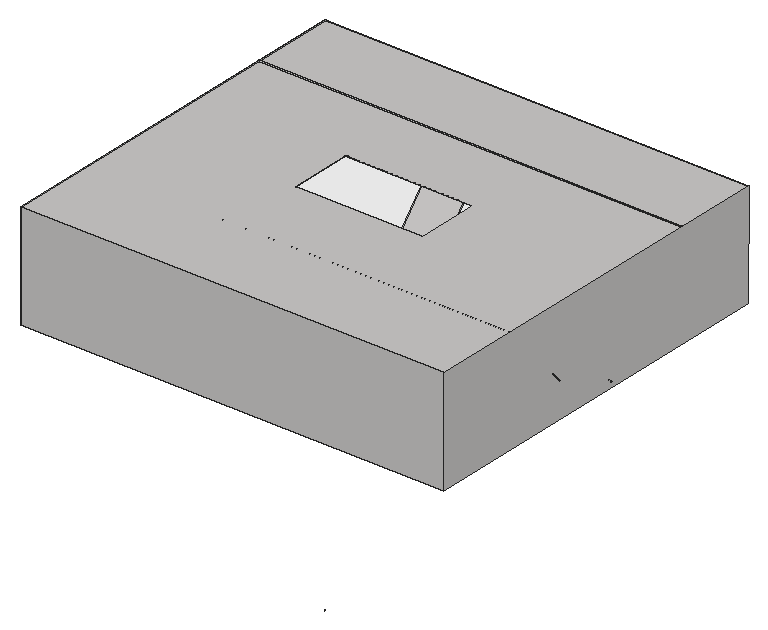
Revit family "QF_ELECTROLUXPROFESSIONAL_642038_EC1820T", category Specialty Equipment, Revit 2014
Reference planes
  plane 1: z = 0
  plane 2 "Center (Left/Right)": x = 150
  plane 3 "LEFT": x = -850
  plane 4 "RIGHT": x = 1150
  plane 5 "BACK": y = 550
  plane 6 "TOP": z = 2500
  plane 7 "Base": z = 2000
  plane 8: z = 1946
  plane 9: x = -847
  plane 10 "DrainX": x = 999
  plane 11 "AOLeft2": x = 450
  plane 12: x = 1147
  plane 13: x = -650
  plane 14: x = 950
  plane 15: x = 50
  plane 16: x = 250
  plane 17 "AOLeft1": x = -150
  plane 18: y = -200
  plane 19 "Front": y = -1250
  plane 20: through (0, 60.354, 2382.279) normal (0, 0.766, -0.6428)
  plane 21: through (0, -760.351, 2382.279) normal (0, -0.766, -0.6428)
  plane 22: through (0, 72.154, 2402.468) normal (0, -0.753, 0.6581)
  plane 23: through (0, -772.152, 2402.468) normal (0, -0.753, -0.6581)
  plane 24 "Center (Front/Back)": y = -350
  plane 25: y = -500
Forms (mm)
  Extrusion 1, solid, material "QF_Finishes_Stainless Steel"
    sketch origin (-850, 0, 360) x (0, 1, 0) y (0, 0, 1)
      loop
        line (550, 1640) -> (550, 2140) -> (-1250, 2140) -> (-1250, 1640) -> (550, 1640)
    from 0 to 3
  Extrusion 2, solid, material "QF_Finishes_Stainless Steel"
    sketch origin (1150, 0, 360) x (0, 1, 0) y (0, 0, 1)
      loop
        line (550, 1640) -> (550, 2140) -> (-1250, 2140) -> (-1250, 1640) -> (550, 1640)
    from 0 to -3
  Extrusion 3, solid, material "QF_Finishes_Stainless Steel"
    sketch origin (150, 0, 360) x (0, 1, 0) y (0, 0, 1)
      loop
        line (-1250, 2140) -> (-1250, 1640) -> (-1240, 1640) -> (-1240, 1640.8) -> (-1249.2, 1640.8) -> (-1249.2, 2139.19) -> (549.2, 2139.19) -> (549.2, 1640.8) -> (540, 1640.8) -> (540, 1640) -> (550, 1640) -> (550, 2140) -> (-1250, 2140)
    from -1000 to 1000
  Extrusion 4, solid, material "QF_Finishes_Stainless Steel"
    sketch origin (0, -900, 2000) x (0, 1, 0) y (-1, 0, 0)
      loop
        circle (550, -999) r 6.35
    from -3.799 to 0
  Extrusion 5, void
    sketch origin (0, 200, 2500) x (0, 1, 0) y (-1, 0, 0)
      loop
        line (-400, -450) -> (-400, 150) -> (-700, 150) -> (-700, -450) -> (-400, -450)
    from 0 to -10
  Extrusion 6, solid, material "QF_Finishes_Stainless Steel"
    sketch origin (0, 0, 0) x (1, 0, 0) y (0, 1, 0)
      loop
        line (-850, 550) -> (-850, 549) -> (-849, 549) -> (-849, 550) -> (-850, 550)
    from 0 to 1
  Extrusion 7, solid, material "QF_Finishes_Stainless Steel"
    sketch origin (150, -200, 360) x (0, 1, 0) y (0, 0, 1)
      loop
        line (-79.471, 1685.734) -> (-56.882, 1665.992) -> (272.154, 2042.468) -> (249.566, 2062.21) -> (-79.471, 1685.734)
      loop
        line (-572.152, 2042.468) -> (-243.115, 1665.992) -> (-220.526, 1685.734) -> (-549.563, 2062.21) -> (-572.152, 2042.468)
    from -800 to -997
  Extrusion 8, solid, material "QF_Finishes_Stainless Steel"
    sketch origin (150, -200, 360) x (0, 1, 0) y (0, 0, 1)
      loop
        line (360.354, 2141.454) -> (357.903, 2143.511) -> (264.331, 2031.996) -> (266.169, 2030.453) -> (357.41, 2139.19) -> (358.454, 2139.19) -> (360.354, 2141.454)
      loop
        line (-39.202, 1672.761) -> (-56.017, 1663.363) -> (-81.407, 1685.429) -> (-81.974, 1684.862) -> (-54.914, 1661.345) -> (-90.242, 1641.601) -> (-209.758, 1641.601) -> (-245.086, 1661.345) -> (-218.026, 1684.862) -> (-218.593, 1685.429) -> (-243.983, 1663.363) -> (-260.798, 1672.761) -> (-262.311, 1670.055) -> (-209.966, 1640.801) -> (-90.034, 1640.801) -> (-37.689, 1670.055) -> (-39.202, 1672.761)
      loop
        line (-560.354, 2022.279) -> (-557.903, 2024.336) -> (-564.331, 2031.996) -> (-566.169, 2030.453) -> (-657.41, 2139.19) -> (-658.454, 2139.19) -> (-560.354, 2022.279)
    from -997 to 997
  Extrusion 9, solid, material "QF_Finishes_Stainless Steel"
    sketch origin (150, -200, 360) x (0, 1, 0) y (0, 0, 1)
      loop
        line (272.154, 2042.468) -> (249.566, 2062.21) -> (-79.471, 1685.734) -> (-56.882, 1665.992) -> (272.154, 2042.468)
      loop
        line (-572.154, 2042.468) -> (-243.118, 1665.992) -> (-220.529, 1685.734) -> (-549.566, 2062.21) -> (-572.154, 2042.468)
    from 997 to 800
  Extrusion 10, solid, material "QF_Finishes_Stainless Steel"
    sketch origin (150, -200, 360) x (0, 1, 0) y (0, 0, 1)
      loop
        line (272.154, 2042.468) -> (249.566, 2062.21) -> (-79.471, 1685.734) -> (-56.882, 1665.992) -> (272.154, 2042.468)
      loop
        line (-572.154, 2042.468) -> (-243.118, 1665.992) -> (-220.529, 1685.734) -> (-549.566, 2062.21) -> (-572.154, 2042.468)
    from -100 to 100
  Extrusion 11, solid, material "QF_Finished_Chrome"
    sketch origin (150, -200, 360) x (0, 1, 0) y (0, 0, 1)
      loop
        line (249.566, 2062.21) -> (-79.471, 1685.734) -> (-56.882, 1665.992) -> (272.154, 2042.468) -> (249.566, 2062.21)
      loop
        line (-549.566, 2062.21) -> (-572.154, 2042.468) -> (-243.118, 1665.992) -> (-220.529, 1685.734) -> (-549.566, 2062.21)
    from -800 to -100
  Extrusion 12, solid, material "QF_Finished_Chrome"
    sketch origin (150, -200, 360) x (0, 1, 0) y (0, 0, 1)
      loop
        line (272.154, 2042.468) -> (249.566, 2062.21) -> (-79.471, 1685.734) -> (-56.882, 1665.992) -> (272.154, 2042.468)
      loop
        line (-572.154, 2042.468) -> (-243.118, 1665.992) -> (-220.529, 1685.734) -> (-549.566, 2062.21) -> (-572.154, 2042.468)
    from 100 to 800
  Sweep 13, solid, material "QF_Finishes_Stainless Steel"
    path origin (0, 0, 0) x (1, 0, 0) y (0, 1, 0)
      loop
        line (1150, 550) -> (-850, 550) -> (-850, -1250) -> (1150, -1250) -> (1150, 550)
    profile origin (1150, -350, 0) x (1, 0, 0) y (0, 0, 1)
      loop
        line (-3, 2000) -> (-3, 2000.8) -> (-19, 2000.8) -> (-19, 2010) -> (-20, 2010) -> (-20, 2000) -> (-3, 2000)
  Extrusion 14, solid, material "QF_Finishes_Stainless Steel"
    sketch origin (999, 0, 0) x (0, 1, 0) y (0, 0, 1)
      loop
        arc (-305.856, 1994.063) -> (-304.108, 1996.894) -> (-300.97, 1998.001) r 5
        line (-300.97, 1998.001) -> (-295, 1998.001) -> (-295, 2000.8) -> (-405, 2000.8) -> (-405, 1998.001) -> (-399.03, 1998.001)
        arc (-399.03, 1998.001) -> (-395.892, 1996.894) -> (-394.144, 1994.063) r 5
        line (-394.144, 1994.063) -> (-387.14, 1955.845)
        arc (-387.14, 1955.845) -> (-382.769, 1948.768) -> (-374.925, 1946) r 12.5
        line (-374.925, 1946) -> (-325.075, 1946)
        arc (-325.075, 1946) -> (-317.231, 1948.768) -> (-312.86, 1955.845) r 12.5
        line (-312.86, 1955.845) -> (-305.856, 1994.063)
    from -90 to 90
Cuts and joins
  Extrusion 5 cuts Extrusion 3
  joined: Extrusion 2, Extrusion 3, Sweep 13
Lines and regions (mm)
  symbolic lines, style "SpecialityEquipment", detail levels coarse
    curve 1: line (1150, 550, 2500) -> (-850, 550, 2500)
    curve 2: line (-850, 550, 2500) -> (-850, -1250.8, 2500)
    curve 3: line (1150, -1250.8, 2500) -> (1150, 550, 2500)
    curve 4: line (-850, 550, 0) -> (1150, -1250, 0)
    curve 5: line (1150, 550, 0) -> (-850, -1250, 0)
  symbolic lines, detail levels coarse
    curve 6: line (-850, -1250, 0) -> (1150, -1250, 0)
    curve 7: line (-150, -500, 0) -> (450, -500, 0)
    curve 8: line (-150, -200, 0) -> (-150, -500, 0)
    curve 9: line (450, -200, 0) -> (-150, -200, 0)
    curve 10: line (450, -500, 0) -> (450, -200, 0)
Dimensions and locks
  plane 3 "LEFT" to plane 4 "RIGHT" = 2000 mm
  equal spacing: plane 3 "LEFT", plane 2 "Center (Left/Right)", plane 4 "RIGHT"
  plane 3 "LEFT" to plane 9 = 3 mm
  plane 10 "DrainX" to plane 4 "RIGHT" = 151 mm
  plane 12 to plane 4 "RIGHT" = 3 mm
  plane 3 "LEFT" to plane 13 = 200 mm
  plane 14 to plane 4 "RIGHT" = 200 mm
  locked: plane 7 "Base" to level at 2000
  locked: plane 15 to plane 16 at 200
  equal spacing: plane 15, plane 2 "Center (Left/Right)", plane 16
  plane 7 "Base" to plane 8 = 54 mm
  plane 5 "BACK" to plane 19 "Front" = 1800 mm  (x2)
  equal spacing: plane 5 "BACK", plane 24 "Center (Front/Back)", plane 19 "Front"
  locked: plane 6 "TOP" to plane 7 "Base" at 500
  plane 25 to plane 18 = 300 mm
  equal spacing: plane 25, plane 24 "Center (Front/Back)", plane 18
  locked: plane 17 "AOLeft1" to plane 11 "AOLeft2" at 600
  equal spacing: plane 17 "AOLeft1", plane 2 "Center (Left/Right)", plane 11 "AOLeft2"
  aligned and locked: level to plane 1
  aligned and locked: plane 4 "RIGHT" to Extrusion 3
  aligned and locked: Extrusion 3 to plane 3 "LEFT"
  aligned and locked: Extrusion 7 to plane 9
  aligned and locked: plane 13 to Extrusion 7
  aligned and locked: Extrusion 2 to plane 12
  aligned and locked: plane 12 to Extrusion 9
  aligned and locked: plane 14 to Extrusion 9
  aligned and locked: plane 16 to Extrusion 10
  aligned and locked: Extrusion 10 to plane 15
  aligned and locked: plane 15 to Extrusion 11
  aligned and locked: Extrusion 11 to plane 13
  aligned and locked: Extrusion 12 to plane 16
  aligned and locked: Extrusion 12 to plane 14
  aligned and locked: Extrusion 8 to plane 9
  aligned and locked: plane 12 to Extrusion 8
  aligned and locked: Extrusion 5 to plane 17 "AOLeft1"
  aligned and locked: Extrusion 5 to plane 11 "AOLeft2"
  aligned and locked: plane 19 "Front" to Sweep 13 sketch curve
  aligned and locked: plane 25 to Extrusion 5
  aligned and locked: plane 18 to Extrusion 5
  aligned and locked: curve 7 to Extrusion 5
  aligned and locked: curve 8 to Extrusion 5
  aligned and locked: curve 9 to Extrusion 5
  aligned and locked: curve 10 to Extrusion 5
Automatic sketch dimensions
  curve 2 to plane 3 "LEFT" = 0 mm
  curve 3 to plane 4 "RIGHT" = 0 mm
  curve 2 to plane 5 "BACK" = 0 mm
  Extrusion 1 sketch curve to plane 7 "Base" = 0 mm
  Extrusion 1 sketch curve to plane 5 "BACK" = 0 mm
  Extrusion 1 sketch curve to plane 6 "TOP" = 0 mm
  Extrusion 2 sketch curve to plane 7 "Base" = 0 mm
  Extrusion 2 sketch curve to plane 5 "BACK" = 0 mm
  Extrusion 2 sketch curve to plane 6 "TOP" = 0 mm
  Extrusion 3 sketch curve to plane 6 "TOP" = 0 mm
  Extrusion 3 sketch curve to plane 7 "Base" = 0 mm  (x2)
  Extrusion 3 sketch curve to plane 5 "BACK" = 0 mm
  Extrusion 3 sketch curve to Extrusion 3 sketch curve = 9.2 mm
  plane 7 "Base" to Extrusion 3 sketch curve = 0.8 mm  (x2)
  Extrusion 3 sketch curve to plane 5 "BACK" = 10 mm
  Extrusion 3 sketch curve to plane 5 "BACK" = 0.8 mm
  Extrusion 3 sketch curve to plane 6 "TOP" = 0.81 mm
  Extrusion 4 sketch curve to plane 10 "DrainX" = 0 mm
  Extrusion 5 sketch curve to plane 11 "AOLeft2" = 0 mm
  Extrusion 5 sketch curve to plane 17 "AOLeft1" = 0 mm
  Extrusion 6 sketch curve to plane 3 "LEFT" = 0 mm
  Extrusion 6 sketch curve to plane 5 "BACK" = 0 mm
  plane 3 "LEFT" to Extrusion 6 sketch curve = 1 mm
  Extrusion 6 sketch curve to Extrusion 6 sketch curve = 1 mm
  Sweep 13 sketch curve to plane 3 "LEFT" = 0 mm
  Sweep 13 sketch curve to plane 4 "RIGHT" = 0 mm
  Sweep 13 sketch curve to plane 5 "BACK" = 0 mm
  profile plane to Sweep 13 sketch curve = 20 mm
  Sweep 13 sketch curve to Sweep 13 sketch curve = 1 mm
  profile plane to Sweep 13 sketch curve = 3 mm
  level to Sweep 13 sketch curve = 2000 mm
  Sweep 13 sketch curve to Sweep 13 sketch curve = 0.8 mm
  Sweep 13 sketch curve to Sweep 13 sketch curve = 9.2 mm
  Extrusion 3 sketch curve to Extrusion 3 sketch curve = 0.8 mm
  curve 5 to plane 3 "LEFT" = 0 mm
  curve 4 to plane 3 "LEFT" = 0 mm
  curve 5 to plane 4 "RIGHT" = 0 mm
  curve 6 to plane 4 "RIGHT" = 0 mm
  curve 4 to plane 5 "BACK" = 0 mm
  curve 5 to plane 5 "BACK" = 0 mm
  curve 6 to plane 19 "Front" = 0 mm
  Extrusion 7 sketch curve to plane 22 = 0 mm  (x2)
  Extrusion 7 sketch curve to plane 6 "TOP" = 77.79 mm  (x2)
  plane 7 "Base" to Extrusion 7 sketch curve = 25.992 mm  (x2)
  plane 7 "Base" to Extrusion 7 sketch curve = 45.734 mm
  Extrusion 7 sketch curve to plane 23 = 0 mm
  plane 23 to Extrusion 7 sketch curve = 0 mm
  Extrusion 11 sketch curve to plane 22 = 0 mm  (x2)
  Extrusion 11 sketch curve to plane 6 "TOP" = 77.79 mm  (x2)
  Extrusion 11 sketch curve to Extrusion 11 sketch curve = 22.589 mm
  plane 7 "Base" to Extrusion 11 sketch curve = 25.992 mm  (x2)
  Extrusion 10 sketch curve to plane 22 = 0 mm  (x2)
  Extrusion 10 sketch curve to plane 6 "TOP" = 77.79 mm  (x2)
  Extrusion 10 sketch curve to Extrusion 10 sketch curve = 22.589 mm
  plane 7 "Base" to Extrusion 10 sketch curve = 25.992 mm  (x2)
  Extrusion 12 sketch curve to plane 22 = 0 mm  (x2)
  Extrusion 12 sketch curve to plane 6 "TOP" = 77.79 mm  (x2)
  Extrusion 12 sketch curve to Extrusion 12 sketch curve = 22.589 mm
  plane 7 "Base" to Extrusion 12 sketch curve = 25.992 mm  (x2)
  Extrusion 9 sketch curve to plane 22 = 0 mm  (x2)
  Extrusion 9 sketch curve to plane 6 "TOP" = 77.79 mm  (x2)
  Extrusion 9 sketch curve to Extrusion 9 sketch curve = 22.589 mm
  plane 7 "Base" to Extrusion 9 sketch curve = 25.992 mm  (x2)
  Extrusion 4 sketch curve to plane 18 = 150 mm
  plane 7 "Base" to Extrusion 9 sketch curve = 45.734 mm
  plane 7 "Base" to Extrusion 10 sketch curve = 45.734 mm
  plane 7 "Base" to Extrusion 11 sketch curve = 45.734 mm
  plane 7 "Base" to Extrusion 12 sketch curve = 45.734 mm
  plane 24 "Center (Front/Back)" to Extrusion 5 sketch curve = 150 mm
  plane 20 to Extrusion 8 sketch curve = 0 mm  (x2)
  Extrusion 8 sketch curve to plane 6 "TOP" = 0.81 mm  (x2)
  plane 19 "Front" to Extrusion 8 sketch curve = 391.546 mm
  Extrusion 8 sketch curve to Extrusion 8 sketch curve = 1.044 mm
  Extrusion 8 sketch curve to plane 6 "TOP" = 109.547 mm  (x2)
  Extrusion 8 sketch curve to Extrusion 8 sketch curve = 91.241 mm
  Extrusion 8 sketch curve to plane 6 "TOP" = 108.004 mm  (x2)
  Extrusion 8 sketch curve to plane 6 "TOP" = 117.721 mm
  plane 7 "Base" to Extrusion 8 sketch curve = 30.055 mm
  plane 7 "Base" to Extrusion 8 sketch curve = 32.761 mm  (x2)
  Extrusion 8 sketch curve to Extrusion 8 sketch curve = 1.512 mm
  plane 7 "Base" to Extrusion 8 sketch curve = 21.345 mm  (x2)
  Extrusion 8 sketch curve to Extrusion 8 sketch curve = 17.225 mm
  plane 7 "Base" to Extrusion 8 sketch curve = 23.363 mm  (x2)
  Extrusion 8 sketch curve to Extrusion 8 sketch curve = 25.389 mm  (x2)
  Extrusion 8 sketch curve to Extrusion 8 sketch curve = 0.567 mm  (x4)
  plane 7 "Base" to Extrusion 8 sketch curve = 0.801 mm
  Extrusion 8 sketch curve to Extrusion 8 sketch curve = 0.208 mm  (x2)
  plane 7 "Base" to Extrusion 8 sketch curve = 1.601 mm
  Extrusion 8 sketch curve to Extrusion 8 sketch curve = 8.268 mm
  Extrusion 8 sketch curve to Extrusion 8 sketch curve = 1.103 mm
  Extrusion 8 sketch curve to Extrusion 8 sketch curve = 16.816 mm
  plane 18 to Extrusion 8 sketch curve = 357.903 mm
  Extrusion 8 sketch curve to Extrusion 8 sketch curve = 2.451 mm
  Extrusion 8 sketch curve to Extrusion 8 sketch curve = 21.498 mm  (x2)
  curve 3 to plane 19 "Front" = 0.8 mm
  curve 2 to plane 19 "Front" = 0.8 mm
  Extrusion 1 sketch curve to plane 19 "Front" = 0 mm
  Extrusion 2 sketch curve to plane 19 "Front" = 0 mm
  Extrusion 3 sketch curve to plane 19 "Front" = 0 mm
  Extrusion 5 sketch curve to plane 24 "Center (Front/Back)" = 150 mm
  Extrusion 7 sketch curve to plane 24 "Center (Front/Back)" = 399.563 mm
  Extrusion 8 sketch curve to plane 24 "Center (Front/Back)" = 112.311 mm
  plane 24 "Center (Front/Back)" to Extrusion 8 sketch curve = 59.758 mm
  Extrusion 9 sketch curve to plane 24 "Center (Front/Back)" = 70.529 mm
  Extrusion 9 sketch curve to plane 24 "Center (Front/Back)" = 399.566 mm
  Extrusion 10 sketch curve to plane 24 "Center (Front/Back)" = 70.529 mm
  Extrusion 10 sketch curve to plane 24 "Center (Front/Back)" = 399.566 mm
  Extrusion 11 sketch curve to plane 24 "Center (Front/Back)" = 70.529 mm
  Extrusion 11 sketch curve to plane 24 "Center (Front/Back)" = 399.566 mm
  Extrusion 12 sketch curve to plane 24 "Center (Front/Back)" = 70.529 mm
  Extrusion 12 sketch curve to plane 24 "Center (Front/Back)" = 399.566 mm
  Extrusion 14 sketch curve to plane 8 = 0 mm
  Extrusion 14 sketch curve to plane 7 "Base" = 1.999 mm  (x2)
  Extrusion 14 sketch curve to plane 24 "Center (Front/Back)" = 55 mm
  Extrusion 14 sketch curve to Extrusion 14 sketch curve = 5.97 mm  (x2)
  Extrusion 14 sketch curve to plane 7 "Base" = 5.937 mm  (x2)
  Extrusion 14 sketch curve to Extrusion 14 sketch curve = 4.886 mm  (x2)
  plane 8 to Extrusion 14 sketch curve = 9.845 mm  (x2)
  Extrusion 14 sketch curve to plane 24 "Center (Front/Back)" = 37.14 mm
  Extrusion 14 sketch curve to Extrusion 14 sketch curve = 12.215 mm  (x2)
  plane 24 "Center (Front/Back)" to Extrusion 14 sketch curve = 24.925 mm
  Extrusion 14 sketch curve to Extrusion 14 sketch curve = 7.004 mm
  plane 7 "Base" to Extrusion 14 sketch curve = 0.8 mm
  radius of Extrusion 4 sketch curve = 6.35 mm
Connectors
  piping at (999, -350, 1996.201), diameter 12.7
    settings: on Extrusion 4, index 1, connector inside diameter 609.6 mm, connector length 0 mm, flow factor 0, pipe flow 0.0 L/s, pressure drop 0.0 Pa, fitting loss kfactor 0, connector angle 0.00°, fixture units 0, engagement length 0 mm, angle of deflection 0.00°, flow configuration 1, flow direction 2, fitting loss method 0, system type 16, joint type 0, gender type 0, connector reference index -1, connector utility 0, adjustable connector no, is connector primary yes, connector description "Drain"
  hvac at (150, -350, 2500)
    settings: on Extrusion 5, index 2, duct flow 0.0 L/s, flow factor 0, pres drop 0.0 Pa, loss coef 0, conn angle 0.00°, conn width 300 mm, conn height 600 mm, conn diameter 609.6 mm, duct sys type 3, conn prof type 1, flow config 1, flow direction 2, loss method 0, conn ref index -1, conn util no, is conn primary yes, conn desc "EXHAUST OUTLET"
